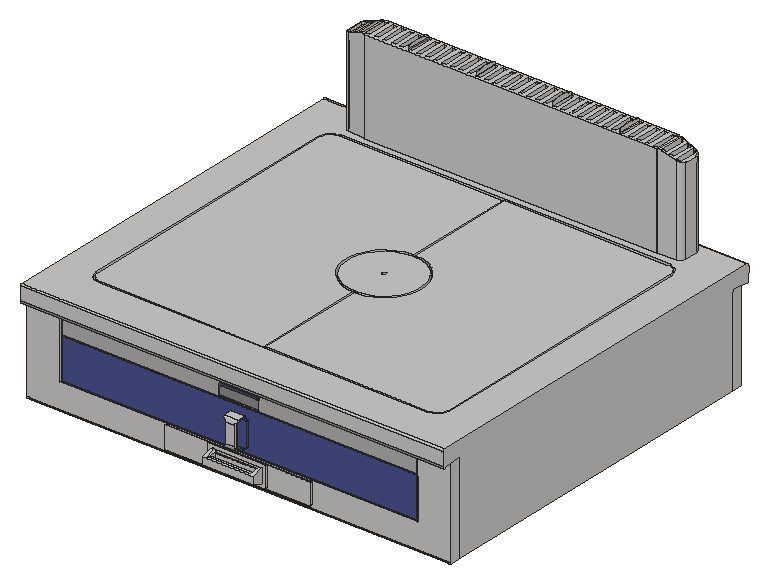
Revit family "QF_ELECTROLUXPROFESSIONAL_589580_MCLIAAJOPO", category Specialty Equipment, Revit 2018
Family settings
  Round Connector Dimension = Use Diameter
  Part Type = Normal
  Work Plane-Based = No
  Always vertical = Yes
  Cut with Voids When Loaded = No
  Shared = No
  Room Calculation Point = No
Parameters
  Weight in Pounds = 264.55
  Watts = 0 W
  URL Cutsheet = "www.electrolux.com/professional"
  URL = "www.electrolux.com/professional"
  Type Mark [instance] = ""
  Status [instance] = ""
  Specification by User [instance] = ""
  Specification by Manufacturer = ""
  Show Clearance [instance] = yes
  Serial Number = ""
  Seismic Rating = ""
  SMACNA No = ""
  Revision Code [instance] = ""
  Omniclass Number and Title = ""
  NAFEM Spec ID Number = ""
  Model = "589580"
  Mechanical Remarks [instance] = ""
  Mechanical Connection Type [instance] = ""
  Masterspec = ""
  Manufacturer = "ELECTROLUX"
  Item Number [instance] = ""
  Installed By [instance] = ""
  Identify Quantity as Lot [instance] = yes
  HP = "0 HP"
  Gas Size = 1/2"
  Gas RI Height [instance] = 0 mm
  Gas KW [instance] = 12.5
  Gas Input [instance] = 42612.5 Btu/h
  Gas Connection Height = 0 mm
  Furnished By [instance] = ""
  Foodservice Equipment Identifier [instance] = yes
  Direct Waste Size = 0"
  Description = "GAS FRENCH TOP,1-SIDE,1000X900X250H"
  CSI MasterFormat = ""
  CSI Master Format = ""
Reference planes
  plane 1 "BACK": y = 0
  plane 2: z = 0
  plane 3 "LEFT": x = 0
  plane 4 "RIGHT": x = 1000
  plane 5 "FRONT": y = -900
  plane 6 "TOP": z = 481
  plane 7 "Center Y": x = 500
  plane 8 "Center X": y = -450
  plane 9: z = 250
  plane 10: y = -1330
  plane 11: x = 965
Forms (mm)
  Extrusion 1, solid, material "QF_Finishes_Stainless Steel"
    sketch origin (653.786, 50.048, -650) x (0, 1, 0) y (0, 0, 1)
      loop
        line (-95.048, 863) -> (-71.412, 863) -> (-54.743, 860.061)
        arc (-54.743, 860.061) -> (-51.477, 860.936) -> (-50.048, 864) r 4
        line (-50.048, 864) -> (-50.048, 896)
        arc (-50.048, 896) -> (-51.22, 898.828) -> (-54.048, 900) r 4
        line (-54.048, 900) -> (-946.048, 900)
        arc (-946.048, 900) -> (-948.877, 898.828) -> (-950.048, 896) r 4
        line (-950.048, 896) -> (-950.048, 864)
        arc (-950.048, 864) -> (-948.619, 860.936) -> (-945.353, 860.061) r 4
        line (-945.353, 860.061) -> (-928.509, 863) -> (-905.048, 863) -> (-905.048, 650) -> (-95.048, 650) -> (-95.048, 863)
    from -653.786 to 346.214
  Extrusion 2, void
    sketch origin (653.786, 50.048, -650) x (1, 0, 0) y (0, 1, 0)
      loop
        arc (-542.786, -143.048) -> (-564, -151.835) -> (-572.786, -173.048) r 30
        line (-572.786, -173.048) -> (-572.786, -827.048)
        arc (-572.786, -827.048) -> (-564, -848.261) -> (-542.786, -857.048) r 30
        line (-542.786, -857.048) -> (235.214, -857.048)
        arc (235.214, -857.048) -> (256.427, -848.261) -> (265.214, -827.048) r 30
        line (265.214, -827.048) -> (265.214, -173.048)
        arc (265.214, -173.048) -> (256.427, -151.835) -> (235.214, -143.048) r 30
        line (235.214, -143.048) -> (-542.786, -143.048)
      loop
        line (-567.786, -173.048) -> (-567.786, -827.048)
        arc (-567.786, -827.048) -> (-560.464, -844.726) -> (-542.786, -852.048) r 25
        line (-542.786, -852.048) -> (-156.286, -852.048) -> (-156.286, -590.013)
        arc (-156.286, -590.013) -> (-243.786, -500.048) -> (-156.286, -410.083) r 90
        line (-156.286, -410.083) -> (-156.286, -148.048) -> (-542.786, -148.048)
        arc (-542.786, -148.048) -> (-560.464, -155.37) -> (-567.786, -173.048) r 25
      loop
        line (235.214, -148.048) -> (-151.286, -148.048) -> (-151.286, -410.083)
        arc (-151.286, -410.083) -> (-63.786, -500.048) -> (-151.286, -590.013) r 90
        line (-151.286, -590.013) -> (-151.286, -852.048) -> (235.214, -852.048)
        arc (235.214, -852.048) -> (252.891, -844.726) -> (260.214, -827.048) r 25
        line (260.214, -827.048) -> (260.214, -173.048)
        arc (260.214, -173.048) -> (252.891, -155.37) -> (235.214, -148.048) r 25
      loop
        circle (-153.786, -500.048) r 5
      loop
        arc (-156.286, -415.085) -> (-238.786, -500.048) -> (-156.286, -585.011) r 85
        arc (-156.286, -585.011) -> (-153.786, -585.048) -> (-151.286, -585.011) r 85
        arc (-151.286, -585.011) -> (-68.786, -500.048) -> (-151.286, -415.085) r 85
        arc (-151.286, -415.085) -> (-153.786, -415.048) -> (-156.286, -415.085) r 85
    from 887.5 to 900
  Extrusion 3, solid, material "QF_Finishes_Stainless Steel"
    sketch origin (-8, 53.486, -651.25) x (0, 1, 0) y (0, 0, 1)
      loop
        line (-98.486, 864.25) -> (-98.486, 651.25) -> (-74.849, 651.25) -> (-74.849, 864.25) -> (-98.486, 864.25)
    from 8 to 1008
  Extrusion 4, solid, material "QF_Finishes_Stainless Steel"
    sketch origin (0, 0, 0) x (1, 0, 0) y (0, 1, 0)
      loop
        circle (965, -590) r 6.35
    from 0 to -14.661
  Extrusion 5, solid, material "QF_Door-Drawer Clearances", visible <- "Show Clearance", detail levels coarse
    sketch origin (0, 0, 0) x (1, 0, 0) y (0, 1, 0)
      loop
        line (327.605, -882.593) -> (327.605, -1330) -> (671.605, -1330) -> (671.605, -882.593) -> (327.605, -882.593)
    from 8.62 to 60
  Extrusion 6, solid, material "QF_Clearances", visible <- "Show Clearance", detail levels coarse
    sketch origin (0, 0, 0) x (1, 0, 0) y (0, 1, 0)
      loop
        line (-250, 150) -> (-250, -900) -> (0, -900) -> (0, 0) -> (1000, 0) -> (1000, -900) -> (1250, -900) -> (1250, 150) -> (-250, 150)
    from 0 to 481
Cuts and joins
  Extrusion 2 cuts Extrusion 1
Lines and regions (mm)
  symbolic lines, style "QF_Door-Drawer Clearances"
    curve 1: line (327.605, -900, 0) -> (327.605, -1330, 0)
    curve 2: line (327.605, -1330, 0) -> (671.605, -1330, 0)
    curve 3: line (671.605, -1330, 0) -> (671.605, -900, 0)
  symbolic lines
    curve 4: line (0, -900, 0) -> (1000, -900, 0)
    curve 5: line (0, 0, 0) -> (0, -900, 0)
    curve 6: line (1000, 0, 0) -> (0, 0, 0)
    curve 7: line (1000, -900, 0) -> (1000, 0, 0)
    curve 8: line (111, -93, 0) -> (889, -93, 0)
    curve 9: arc (889, -93, 0) -> (910.213, -101.787, 0) -> (919, -123, 0) r 30
    curve 10: line (919, -123, 0) -> (919, -777, 0)
    curve 11: arc (919, -777, 0) -> (910.213, -798.213, 0) -> (889, -807, 0) r 30
    curve 12: line (889, -807, 0) -> (111, -807, 0)
    curve 13: arc (111, -807, 0) -> (89.787, -798.213, 0) -> (81, -777, 0) r 30
    curve 14: line (81, -777, 0) -> (81, -123, 0)
    curve 15: arc (81, -123, 0) -> (89.787, -101.787, 0) -> (111, -93, 0) r 30
    curve 16: line (497.5, -98, 0) -> (111, -98, 0)
    curve 17: arc (111, -98, 0) -> (93.322, -105.322, 0) -> (86, -123, 0) r 25
    curve 18: line (86, -123, 0) -> (86, -777, 0)
    curve 19: arc (86, -777, 0) -> (93.322, -794.678, 0) -> (111, -802, 0) r 25
    curve 20: line (111, -802, 0) -> (497.5, -802, 0)
    curve 21: line (497.5, -802, 0) -> (497.5, -539.965, 0)
    curve 22: arc (497.5, -539.965, 0) -> (410, -450, 0) -> (497.5, -360.035, 0) r 90
    curve 23: line (497.5, -360.035, 0) -> (497.5, -98, 0)
    curve 24: line (889, -98, 0) -> (502.5, -98, 0)
    curve 25: line (502.5, -98, 0) -> (502.5, -360.035, 0)
    curve 26: arc (502.5, -360.035, 0) -> (590, -450, 0) -> (502.5, -539.965, 0) r 90
    curve 27: line (502.5, -539.965, 0) -> (502.5, -802, 0)
    curve 28: line (502.5, -802, 0) -> (889, -802, 0)
    curve 29: arc (889, -802, 0) -> (906.678, -794.678, 0) -> (914, -777, 0) r 25
    curve 30: line (914, -777, 0) -> (914, -123, 0)
    curve 31: arc (914, -123, 0) -> (906.678, -105.322, 0) -> (889, -98, 0) r 25
    curve 32: arc (502.5, -534.963, 0) -> (585, -450, 0) -> (502.5, -365.037, 0) r 85
    curve 33: arc (502.5, -365.037, 0) -> (500, -365, 0) -> (497.5, -365.037, 0) r 85
    curve 34: arc (497.5, -365.037, 0) -> (415, -450, 0) -> (497.5, -534.963, 0) r 85
    curve 35: arc (497.5, -534.963, 0) -> (500, -535, 0) -> (502.5, -534.963, 0) r 85
    curve 36: arc (505, -450, 0) -> (500, -455, 0) -> (495, -450, 0) r 5
    curve 37: arc (495, -450, 0) -> (500, -445, 0) -> (505, -450, 0) r 5
  symbolic lines, style "QF_Clearances", visible <- "Show Clearance", detail levels coarse
    curve 38: line (-250, -900, 0) -> (-250, 150, 0)
    curve 39: line (-250, 150, 0) -> (1250, 150, 0)
    curve 40: line (1250, 150, 0) -> (1250, -900, 0)
Dimensions and locks
  equal spacing: plane 3 "LEFT", plane 7 "Center Y", plane 4 "RIGHT"
  plane 3 "LEFT" to plane 4 "RIGHT" = 1000 mm
  equal spacing: plane 5 "FRONT", plane 8 "Center X", plane 1 "BACK"
  plane 5 "FRONT" to plane 1 "BACK" = 900 mm
  plane 6 "TOP" to level = 481 mm
  plane 9 to level = 250 mm  (x2)
  plane 5 "FRONT" to plane 10 = 430 mm
  curve 38 to plane 3 "LEFT" = 250 mm
  plane 4 "RIGHT" to curve 40 = 250 mm
  plane 1 "BACK" to curve 39 = 150 mm
  plane 4 "RIGHT" to plane 11 = 35 mm
  plane 1 "BACK" to Extrusion 4 = 590 mm
  plane 6 "TOP" to plane 9 = 231 mm
  locked: Extrusion 2 sketch curve to Extrusion 2 sketch curve (radius 30 mm)  (x4)
  locked: Extrusion 2 sketch curve to Extrusion 2 sketch curve (radius 25 mm)  (x4)
  locked: Extrusion 2 sketch curve to Extrusion 2 sketch curve (radius 90 mm)  (x2)
  locked: Extrusion 2 sketch curve to Extrusion 2 sketch curve (radius 85 mm)  (x2)
  aligned and locked: level to plane 2
Automatic sketch dimensions
  Extrusion 1 sketch curve to plane 5 "FRONT" = 0 mm
  Extrusion 1 sketch curve to plane 9 = 0 mm
  Extrusion 1 sketch curve to level = 0 mm
  Extrusion 1 sketch curve to plane 1 "BACK" = 0 mm
  Extrusion 1 sketch curve to plane 5 "FRONT" = 4.695 mm
  Extrusion 1 sketch curve to plane 9 = 39.939 mm
  Extrusion 1 sketch curve to plane 5 "FRONT" = 4 mm
  Extrusion 1 sketch curve to Extrusion 1 sketch curve = 16.844 mm
  Extrusion 1 sketch curve to plane 5 "FRONT" = 45 mm
  plane 1 "BACK" to Extrusion 1 sketch curve = 45 mm
  plane 1 "BACK" to Extrusion 1 sketch curve = 21.364 mm
  plane 1 "BACK" to Extrusion 1 sketch curve = 4 mm  (x2)
  Extrusion 1 sketch curve to Extrusion 1 sketch curve = 0.695 mm
  plane 1 "BACK" to Extrusion 1 sketch curve = 4.695 mm
  Extrusion 1 sketch curve to Extrusion 1 sketch curve = 0 mm  (x2)
  Extrusion 1 sketch curve to plane 9 = 37 mm  (x2)
  Extrusion 1 sketch curve to Extrusion 1 sketch curve = 1 mm
  Extrusion 2 sketch curve to Extrusion 2 sketch curve = 0 mm  (x19)
  Extrusion 2 sketch curve to plane 5 "FRONT" = 93 mm
  Extrusion 2 sketch curve to plane 7 "Center Y" = 0 mm
  Extrusion 2 sketch curve to plane 8 "Center X" = 0 mm
  Extrusion 2 sketch curve to plane 7 "Center Y" = 2.5 mm  (x4)
  plane 7 "Center Y" to Extrusion 2 sketch curve = 2.5 mm  (x4)
  plane 1 "BACK" to Extrusion 2 sketch curve = 123 mm
  plane 3 "LEFT" to Extrusion 2 sketch curve = 81 mm
  Extrusion 4 sketch curve to plane 8 "Center X" = 140 mm
  plane 4 "RIGHT" to Extrusion 4 sketch curve = 35 mm
  Extrusion 5 sketch curve to plane 10 = 0 mm
  Extrusion 5 sketch curve to plane 5 "FRONT" = 17.407 mm
  Extrusion 5 sketch curve to plane 7 "Center Y" = 172.395 mm
  plane 7 "Center Y" to Extrusion 5 sketch curve = 171.605 mm
  plane 4 "RIGHT" to Extrusion 2 sketch curve = 111 mm
  plane 5 "FRONT" to Extrusion 6 sketch curve = 0 mm
  Extrusion 6 sketch curve to plane 1 "BACK" = 150 mm
  Extrusion 6 sketch curve to plane 4 "RIGHT" = 250 mm
  Extrusion 6 sketch curve to plane 1 "BACK" = 0 mm
  Extrusion 6 sketch curve to plane 3 "LEFT" = 0 mm
  Extrusion 6 sketch curve to plane 4 "RIGHT" = 0 mm
  Extrusion 6 sketch curve to Extrusion 6 sketch curve = 250 mm
  Extrusion 6 sketch curve to Extrusion 6 sketch curve = 0 mm
  curve 9 to curve 31 = 0 mm  (x2)
  curve 11 to curve 29 = 0 mm  (x2)
  curve 13 to curve 19 = 0 mm  (x2)
  curve 15 to curve 17 = 0 mm  (x2)
  curve 22 to curve 26 = 0 mm  (x2)
  curve 22 to curve 32 = 0 mm  (x2)
  curve 22 to curve 33 = 0 mm  (x2)
  curve 22 to curve 34 = 0 mm  (x2)
  curve 22 to curve 35 = 0 mm
  curve 22 to curve 36 = 0 mm  (x2)
  plane 1 "BACK" to curve 5 = 0 mm
  curve 5 to plane 3 "LEFT" = 0 mm
  curve 1 to plane 10 = 0 mm
  curve 4 to plane 4 "RIGHT" = 0 mm
  plane 5 "FRONT" to curve 5 = 0 mm
  plane 5 "FRONT" to curve 38 = 0 mm
  curve 36 to plane 8 "Center X" = 0 mm
  curve 32 to plane 7 "Center Y" = 0 mm
  plane 5 "FRONT" to curve 40 = 0 mm
  plane 3 "LEFT" to curve 14 = 81 mm
  curve 13 to curve 18 = 5 mm
  curve 18 to curve 20 = 25 mm
  curve 17 to curve 8 = 25 mm
  curve 1 to plane 7 "Center Y" = 172.395 mm
  curve 21 to plane 7 "Center Y" = 2.5 mm
  curve 16 to plane 7 "Center Y" = 2.5 mm
  plane 7 "Center Y" to curve 28 = 2.5 mm
  plane 7 "Center Y" to curve 25 = 2.5 mm
  plane 7 "Center Y" to curve 3 = 171.605 mm
  plane 4 "RIGHT" to curve 28 = 111 mm
  curve 11 to curve 30 = 25 mm
  curve 30 to curve 10 = 5 mm
  curve 36 to curve 22 = 5 mm
  curve 34 to plane 7 "Center Y" = 2.5 mm
  curve 33 to plane 7 "Center Y" = 2.5 mm
  plane 7 "Center Y" to curve 33 = 2.5 mm
  plane 7 "Center Y" to curve 35 = 2.5 mm
  curve 12 to plane 5 "FRONT" = 93 mm
  curve 21 to plane 8 "Center X" = 89.965 mm
  curve 22 to curve 27 = 0 mm
  curve 27 to curve 35 = 5.002 mm
  plane 1 "BACK" to curve 30 = 123 mm
  plane 1 "BACK" to curve 14 = 123 mm
  Extrusion 3 sketch curve to level = 0 mm
  plane 1 "BACK" to Extrusion 3 sketch curve = 45 mm
  Extrusion 3 sketch curve to plane 9 = 37 mm
  plane 1 "BACK" to Extrusion 3 sketch curve = 21.364 mm
  radius of Extrusion 2 sketch curve = 5 mm
  radius of Extrusion 4 sketch curve = 6.35 mm
Nested families
  nested 1: "EG_900_1000_Front Panel with Center Grease Trap" at (202.376, -855, -650), type "EG_900_1000_Front Panel with Center Grease Trap"
  nested 2: "GG_900_Backsplash for 800 fryer" at (488.888, -5, -635.571), type "GG_900_Backsplash for 800 fryer"
Connectors
  piping at (965, -590, -14.661), diameter 12.7
    settings: on Extrusion 4, index 1, connector inside diameter 1/2", connector length 0 mm, flow factor 0, pipe flow 0 GPM, pressure drop 0.00 psi, fitting loss kfactor 0, connector angle 0.00°, fixture units 0, engagement length 0 mm, angle of deflection 0.00°, flow configuration 1, flow direction 1, fitting loss method 0, system type 7, joint type 0, gender type 0, connector reference index -1, connector utility 0, adjustable connector no, is connector primary yes, connector description "GAS INLET"
Definition of nested family "EG_900_1000_Front Panel with Center Grease Trap"
  Reference planes
    plane 1 "Center (Front/Back)": y = 0
    plane 2: z = 0
    plane 3 "Center (Left/Right)": x = 297.624
    plane 4: x = -202.376
    plane 5: x = 797.624
    plane 6: y = -45
  Forms (mm)
    Extrusion 1, solid
      sketch origin (833.217, 829.203, -1.25) x (0, 1, 0) y (0, 0, 1)
        loop
          arc (-854.203, 654.25) -> (-853.324, 652.129) -> (-851.203, 651.25) r 3
          line (-851.203, 651.25) -> (-829.203, 651.25) -> (-829.203, 864.25) -> (-854.203, 864.25) -> (-854.203, 654.25)
      from -1035.593 to -35.593
    Extrusion 2, void
      sketch origin (33.217, 829.203, -1.25) x (1, 0, 0) y (0, 0, 1)
        loop
          line (-157.593, 855.116) -> (-157.593, 713.116) -> (686.407, 713.116) -> (686.407, 855.116) -> (-157.593, 855.116)
      from 848.59 to 854.203
  Cuts and joins
    Extrusion 2 cuts Extrusion 1
  Dimensions and locks
    equal spacing: plane 5, plane 3 "Center (Left/Right)", plane 4
    plane 5 to plane 4 = 1000 mm
    aligned and locked: cut or joined group of Extrusion 1, Extrusion 2 to plane 4
    aligned and locked: plane 5 to cut or joined group of Extrusion 1, Extrusion 2
    aligned and locked: plane 3 "Center (Left/Right)" to nested 2
    aligned and locked: cut or joined group of Extrusion 1, Extrusion 2 to nested 2
    aligned and locked: plane 3 "Center (Left/Right)" to nested 1
    aligned and locked: plane 3 "Center (Left/Right)" to nested 3
  Automatic sketch dimensions
    Extrusion 1 sketch curve to plane 1 "Center (Front/Back)" = 0 mm
    plane 1 "Center (Front/Back)" to Extrusion 1 sketch curve = 22 mm
    Extrusion 1 sketch curve to Extrusion 1 sketch curve = 3 mm
    level to Extrusion 1 sketch curve = 650 mm
    Extrusion 1 sketch curve to Extrusion 1 sketch curve = 210 mm
    plane 4 to Extrusion 2 sketch curve = 78 mm
    Extrusion 2 sketch curve to plane 5 = 78 mm
    level to Extrusion 2 sketch curve = 711.866 mm
    Extrusion 2 sketch curve to Extrusion 2 sketch curve = 142 mm
  Nested families
    nested 1: "Range Control Handle" at (297.624, -28.137, -209.113) x (-1, 0, 0) z (0, 0, 1), type "Range Control Handle"
    nested 2: "glass conrol panel" at (297.624, 280.644, 2.752), type "glass conrol panel"
    nested 3: "grease trap door" at (365.223, -25, 0.608) x (-1, 0, 0) z (0, 0, 1), type "grease trap door"
  Definition of nested family "Range Control Handle"
    Reference planes
      plane 1 "Center (Front/Back)": y = 0
      plane 2: z = 0
      plane 3 "Center (Left/Right)": x = 0
      plane 4: z = 971.092
      plane 5: y = -16.9
    Forms (mm)
      Extrusion 1, solid
        sketch origin (-746.28, 380.497, 208.931) x (-1, 0, 0) y (0, 0, 1)
          loop
            line (-770.101, 786.798) -> (-770.101, 731.649)
            arc (-770.101, 731.649) -> (-769.759, 730.563) -> (-768.855, 729.87) r 1.893
            line (-768.855, 729.87) -> (-763.474, 727.911) -> (-729.81, 727.911) -> (-724.428, 729.87)
            arc (-724.428, 729.87) -> (-723.525, 730.563) -> (-723.183, 731.649) r 1.893
            line (-723.183, 731.649) -> (-723.183, 786.798)
            arc (-723.183, 786.798) -> (-723.529, 787.894) -> (-724.44, 788.593) r 1.91
            line (-724.44, 788.593) -> (-729.683, 790.819) -> (-763.601, 790.819) -> (-768.844, 788.593)
            arc (-768.844, 788.593) -> (-769.755, 787.894) -> (-770.101, 786.798) r 1.91
        from -382.35 to -378.852
      Sweep 2, solid
        path origin (-746.788, 380.496, 208.091) x (0, -1, 0) y (0, 0, 1)
          loop
            line (379.775, 793.281) -> (395.661, 791.048)
            arc (395.661, 791.048) -> (397.781, 787.377) -> (398.517, 783.202) r 12.207
            line (398.517, 783.202) -> (398.517, 737.368)
            arc (398.517, 737.368) -> (397.781, 733.193) -> (395.661, 729.522) r 12.207
            line (395.661, 729.522) -> (379.775, 727.289)
        profile origin (-746.788, -7.222, 1000.256) x (0, -0.139173, 0.990268) y (-1, 0, 0)
          loop
            line (0.782, -763.123) -> (0.782, -730.907) -> (-1.322, -730.907) -> (-1.322, -763.123) -> (0.782, -763.123)
      Sweep 3, solid
        path origin (-746.788, 380.715, 207.832) x (0, -1, 0) y (0, 0, 1)
          loop
            line (380.478, 795.442) -> (397.218, 793.09)
            arc (397.218, 793.09) -> (399.929, 788.473) -> (400.871, 783.202) r 15.207
            line (400.871, 783.202) -> (400.871, 737.584)
            arc (400.871, 737.584) -> (399.914, 732.274) -> (397.164, 727.633) r 15.207
            line (397.164, 727.633) -> (380.601, 725.305)
        profile origin (-746.788, -8.132, 1002.099) x (0, -0.139173, 0.990268) y (-1, 0, 0)
          loop
            line (0.782, -763.123) -> (0.782, -730.907) -> (-1.322, -730.907) -> (-1.322, -763.123) -> (0.782, -763.123)
      Extrusion 4, void
        sketch origin (889.253, 220.666, 207.993) x (1, 0, 0) y (0, 0, 1)
          loop
            line (-943.038, 816.854) -> (-943.038, 703.686) -> (-899.466, 734.196) -> (-899.466, 786.344) -> (-943.038, 816.854)
        from 230.636 to 242.25
      Extrusion 5, void
        sketch origin (-888.8, 220.666, 207.993) x (-1, 0, 0) y (0, 0, -1)
          loop
            line (-943.038, -816.854) -> (-899.466, -786.344) -> (-899.466, -734.196) -> (-943.038, -703.686) -> (-943.038, -816.854)
        from 230.636 to 242.25
      Extrusion 6, solid
        sketch origin (0, 0, 0) x (1, 0, 0) y (0, 0, 1)
          loop
            circle (0, 971.092) r 7.736
        from -3.137 to -1.645
    Cuts and joins
      Extrusion 4, Extrusion 5 cuts Sweep 3
      Extrusion 4, Extrusion 5 cuts Sweep 2
      joined: Extrusion 1, Extrusion 6
    Lines and regions (mm)
      symbolic lines
        curve 1: line (16.334, -16.9, 0) -> (16.334, -19.227, 0)
        curve 2: spline (16.334, -19.227, 0) -> (15.87, -19.385, 0) -> (15.404, -19.536, 0) -> (14.936, -19.678, 0) -> (14.466, -19.813, 0) -> (13.995, -19.94, 0) -> (13.523, -20.059, 0) -> (13.049, -20.171, 0) -> (12.575, -20.274, 0) -> (12.099, -20.37, 0) -> (11.622, -20.458, 0) -> (11.144, -20.537, 0) -> (10.666, -20.609, 0)
        curve 3: line (10.666, -16.9, 0) -> (10.666, -20.938, 0)
        curve 4: line (-10.213, -20.938, 0) -> (10.666, -20.938, 0)
        curve 5: line (-10.213, -20.938, 0) -> (-10.213, -16.9, 0)
        curve 6: spline (-10.213, -20.609, 0) -> (-10.691, -20.537, 0) -> (-11.169, -20.458, 0) -> (-11.646, -20.37, 0) -> (-12.122, -20.274, 0) -> (-12.597, -20.171, 0) -> (-13.07, -20.059, 0) -> (-13.542, -19.94, 0) -> (-14.013, -19.813, 0) -> (-14.483, -19.678, 0) -> (-14.951, -19.536, 0) -> (-15.417, -19.385, 0) -> (-15.881, -19.227, 0)
        curve 7: line (-15.881, -19.227, 0) -> (-15.881, -16.9, 0)
  Definition of nested family "glass conrol panel"
    Reference planes
      plane 1 "Center (Front/Back)": y = 0
      plane 2: z = 0
      plane 3 "Center (Left/Right)": x = 0
    Forms (mm)
      Extrusion 1, solid
        sketch origin (378.286, 0, 0.617) x (1, 0, 0) y (0, 0, 1)
          loop
            line (-800.286, 806.791) -> (-800.286, 708.497) -> (43.714, 708.497) -> (43.714, 806.791) -> (-800.286, 806.791)
        from 300.031 to 304.8
      Extrusion 2, solid
        sketch origin (378.286, 0, 0.617) x (1, 0, 0) y (0, 0, 1)
          loop
            line (-800.286, 850.497) -> (-800.286, 806.791) -> (43.714, 806.791) -> (43.714, 850.497) -> (-800.286, 850.497)
        from 300.031 to 304.8
      Extrusion 3, void
        sketch origin (378.286, 0, 0.617) x (1, 0, 0) y (0, 0, 1)
          loop
            line (-797.286, 847.565) -> (-797.286, 710.699) -> (40.714, 710.699) -> (40.714, 847.565) -> (-797.286, 847.565)
        from 303.697 to 304.8
      Extrusion 4, solid
        sketch origin (-308.309, 1.101, -0.633) x (-1, 0, 0) y (0, 0, -1)
          loop
            line (-261.431, -812.62) -> (-355.186, -812.62) -> (-355.186, -834.177) -> (-350.269, -834.177) -> (-348.469, -835.977) -> (-268.039, -835.977) -> (-266.24, -834.177) -> (-261.431, -834.177) -> (-261.431, -812.62)
        from 304.798 to 306.745
      Extrusion 5, solid
        sketch origin (-308.309, 1.101, -0.633) x (-1, 0, 0) y (0, 0, -1)
          loop
            line (-350.269, -834.177) -> (-355.078, -834.177)
            arc (-355.078, -834.177) -> (-353.942, -838.747) -> (-349.686, -840.763) r 5.5
            line (-349.686, -840.763) -> (-266.98, -840.763)
            arc (-266.98, -840.763) -> (-262.706, -838.752) -> (-261.529, -834.177) r 5.549
            line (-261.529, -834.177) -> (-266.24, -834.177) -> (-268.039, -835.977) -> (-348.469, -835.977) -> (-350.269, -834.177)
        from 304.798 to 306.745
    Cuts and joins
      Extrusion 3 cuts Extrusion 1
      Extrusion 3 cuts Extrusion 2
    Dimensions and locks
      aligned and locked: Extrusion 1 to Extrusion 2
      aligned and locked: Extrusion 5 sketch curve to Extrusion 4  (x5)
      aligned and locked: Extrusion 5 to Extrusion 4
  Definition of nested family "grease trap door"
    Reference planes
      plane 1 "Center (Front/Back)": y = 0
      plane 2: z = 0
      plane 3 "Center (Left/Right)": x = 0
      plane 4: y = -20
    Forms (mm)
      Extrusion 1, solid
        sketch origin (1627.55, 854.203, -1.25) x (1, 0, 0) y (0, 0, 1)
          loop
            arc (-1627.55, 661.235) -> (-1626.972, 659.84) -> (-1625.577, 659.262) r 1.973
            line (-1625.577, 659.262) -> (-1494.325, 659.262)
            arc (-1494.325, 659.262) -> (-1492.156, 660.16) -> (-1491.258, 662.329) r 3.067
            line (-1491.258, 662.329) -> (-1491.258, 708.803)
            arc (-1491.258, 708.803) -> (-1492.414, 710.143) -> (-1494.111, 710.642) r 3.133
            line (-1494.111, 710.642) -> (-1625.486, 710.642)
            arc (-1625.486, 710.642) -> (-1626.945, 710.038) -> (-1627.55, 708.579) r 2.063
            line (-1627.55, 708.579) -> (-1627.55, 661.235)
        from 856.795 to 859.203
      Extrusion 2, solid
        sketch origin (445.874, 2476.61, 0) x (0, 1, 0) y (0, 0, 1)
          loop
            line (-2506.377, 675.273) -> (-2481.61, 667.505) -> (-2481.61, 700.995) -> (-2506.377, 693.227) -> (-2506.377, 675.273)
        from -437.68 to -317.68
      Extrusion 3, void
        sketch origin (1627.55, 854.203, -1.25) x (1, 0, 0) y (0, 0, 1)
          loop
            line (-1614.883, 703) -> (-1610.542, 695.433) -> (-1508.17, 695.433) -> (-1503.828, 703) -> (-1614.883, 703)
          loop
            line (-1614.883, 668) -> (-1502.669, 668) -> (-1507.01, 675.567) -> (-1610.542, 675.567) -> (-1614.883, 668)
        from 832.916 to 883.97
      Extrusion 4, void
        sketch origin (447.55, 854.203, -1.25) x (1, 0, 0) y (0, 0, 1)
          loop
            line (-430.542, 695.433) -> (-430.542, 675.567) -> (-328.17, 675.567) -> (-328.17, 695.433) -> (-430.542, 695.433)
        from 859.203 to 874.202
      Extrusion 5, solid
        sketch origin (1627.55, 854.203, -1.25) x (1, 0, 0) y (0, 0, 1)
          loop
            arc (-1731.556, 661.235) -> (-1730.978, 659.84) -> (-1729.583, 659.262) r 1.973
            line (-1729.583, 659.262) -> (-1390.623, 659.262)
            arc (-1390.623, 659.262) -> (-1388.454, 660.16) -> (-1387.556, 662.329) r 3.067
            line (-1387.556, 662.329) -> (-1387.556, 708.803)
            arc (-1387.556, 708.803) -> (-1388.712, 710.143) -> (-1390.409, 710.642) r 3.133
            line (-1390.409, 710.642) -> (-1729.493, 710.642)
            arc (-1729.493, 710.642) -> (-1730.952, 710.038) -> (-1731.556, 708.579) r 2.063
            line (-1731.556, 708.579) -> (-1731.556, 661.235)
        from 854.203 to 856.795
    Cuts and joins
      Extrusion 3 cuts Extrusion 1
      Extrusion 3, Extrusion 4 cuts Extrusion 2
      joined: Extrusion 1, Extrusion 2
    Lines and regions (mm)
      model lines
        curve 1: line (67.599, 0, 658.012) -> (67.599, 0, 709.392)
      symbolic lines
        curve 2: line (8.194, -20, 0) -> (8.194, -29.767, 0)
        curve 3: line (8.194, -29.767, 0) -> (128.194, -29.767, 0)
        curve 4: line (128.194, -29.767, 0) -> (128.194, -20, 0)
    Dimensions and locks
      aligned and locked: Extrusion 2 to Extrusion 1
      aligned and locked: Extrusion 3 to Extrusion 2
      aligned and locked: Extrusion 4 to Extrusion 1
Definition of nested family "GG_900_Backsplash for 800 fryer"
  Reference planes
    plane 1 "Center (Front/Back)": y = 0
    plane 2: z = 0
    plane 3 "Center (Left/Right)": x = 11.112
    plane 4: x = -388.888
    plane 5: x = 411.112
    plane 6: y = -37.994
  Forms (mm)
    Extrusion 1, solid
      sketch origin (3208.371, -22.924, -275.679) x (1, 0, 0) y (0, 0, 1)
        loop
          line (-3597.259, 1365.162) -> (-3597.259, 1161.25) -> (-2797.259, 1161.25) -> (-2797.259, 1364.934) -> (-2841.553, 1381.055)
          arc (-2841.553, 1381.055) -> (-2844.994, 1381.949) -> (-2848.536, 1382.25) r 21
          line (-2848.536, 1382.25) -> (-3546.608, 1382.25)
          arc (-3546.608, 1382.25) -> (-3550.146, 1381.95) -> (-3553.582, 1381.058) r 21
          line (-3553.582, 1381.058) -> (-3597.259, 1365.162)
      from -17.885 to 48.024
    Extrusion 2, void
      sketch origin (3108.387, -925.98, -226.348) x (1, 0, 0) y (0, 1, 0)
        loop
          line (-3444.887, 915.362) -> (-3444.887, 861.502) -> (-3434.887, 861.502) -> (-3434.887, 915.362) -> (-3444.887, 915.362)
      from 1111.919 to 1332.919
    Extrusion 3, void
      sketch origin (3789.012, -925.98, -226.348) x (1, 0, 0) y (0, 1, 0)
        loop
          line (-3444.887, 915.362) -> (-3444.887, 861.502) -> (-3434.887, 861.502) -> (-3434.887, 915.362) -> (-3444.887, 915.362)
      from 1111.919 to 1332.919
    Extrusion 4, void
      sketch origin (3128.405, -925.98, -226.348) x (1, 0, 0) y (0, 1, 0)
        loop
          line (-3444.887, 915.362) -> (-3444.887, 861.502) -> (-3434.887, 861.502) -> (-3434.887, 915.362) -> (-3444.887, 915.362)
      from 1111.919 to 1332.919
    Extrusion 5, void
      sketch origin (3148.424, -925.98, -226.348) x (1, 0, 0) y (0, 1, 0)
        loop
          line (-3444.887, 915.362) -> (-3444.887, 861.502) -> (-3434.887, 861.502) -> (-3434.887, 915.362) -> (-3444.887, 915.362)
      from 1111.919 to 1332.919
    Extrusion 6, void
      sketch origin (3168.442, -925.98, -226.348) x (1, 0, 0) y (0, 1, 0)
        loop
          line (-3444.887, 915.362) -> (-3444.887, 861.502) -> (-3434.887, 861.502) -> (-3434.887, 915.362) -> (-3444.887, 915.362)
      from 1111.919 to 1332.919
    Extrusion 7, void
      sketch origin (3188.46, -925.98, -226.348) x (1, 0, 0) y (0, 1, 0)
        loop
          line (-3444.887, 915.362) -> (-3444.887, 861.502) -> (-3434.887, 861.502) -> (-3434.887, 915.362) -> (-3444.887, 915.362)
      from 1111.919 to 1332.919
    Extrusion 8, void
      sketch origin (3208.479, -925.98, -226.348) x (1, 0, 0) y (0, 1, 0)
        loop
          line (-3444.887, 915.362) -> (-3444.887, 861.502) -> (-3434.887, 861.502) -> (-3434.887, 915.362) -> (-3444.887, 915.362)
      from 1111.919 to 1332.919
    Extrusion 9, void
      sketch origin (3228.497, -925.98, -226.348) x (1, 0, 0) y (0, 1, 0)
        loop
          line (-3444.887, 915.362) -> (-3444.887, 861.502) -> (-3434.887, 861.502) -> (-3434.887, 915.362) -> (-3444.887, 915.362)
      from 1111.919 to 1332.919
    Extrusion 10, void
      sketch origin (3248.516, -925.98, -226.348) x (1, 0, 0) y (0, 1, 0)
        loop
          line (-3444.887, 915.362) -> (-3444.887, 861.502) -> (-3434.887, 861.502) -> (-3434.887, 915.362) -> (-3444.887, 915.362)
      from 1111.919 to 1332.919
    Extrusion 11, void
      sketch origin (3268.534, -925.98, -226.348) x (1, 0, 0) y (0, 1, 0)
        loop
          line (-3444.887, 915.362) -> (-3444.887, 861.502) -> (-3434.887, 861.502) -> (-3434.887, 915.362) -> (-3444.887, 915.362)
      from 1111.919 to 1332.919
    Extrusion 12, void
      sketch origin (3288.552, -925.98, -226.348) x (1, 0, 0) y (0, 1, 0)
        loop
          line (-3444.887, 915.362) -> (-3444.887, 861.502) -> (-3434.887, 861.502) -> (-3434.887, 915.362) -> (-3444.887, 915.362)
      from 1111.919 to 1332.919
    Extrusion 13, void
      sketch origin (3308.571, -925.98, -226.348) x (1, 0, 0) y (0, 1, 0)
        loop
          line (-3444.887, 915.362) -> (-3444.887, 861.502) -> (-3434.887, 861.502) -> (-3434.887, 915.362) -> (-3444.887, 915.362)
      from 1111.919 to 1332.919
    Extrusion 14, void
      sketch origin (3328.589, -925.98, -226.348) x (1, 0, 0) y (0, 1, 0)
        loop
          line (-3444.887, 915.362) -> (-3444.887, 861.502) -> (-3434.887, 861.502) -> (-3434.887, 915.362) -> (-3444.887, 915.362)
      from 1111.919 to 1332.919
    Extrusion 15, void
      sketch origin (3348.607, -925.98, -226.348) x (1, 0, 0) y (0, 1, 0)
        loop
          line (-3444.887, 915.362) -> (-3444.887, 861.502) -> (-3434.887, 861.502) -> (-3434.887, 915.362) -> (-3444.887, 915.362)
      from 1111.919 to 1332.919
    Extrusion 16, void
      sketch origin (3368.626, -925.98, -226.348) x (1, 0, 0) y (0, 1, 0)
        loop
          line (-3444.887, 915.362) -> (-3444.887, 861.502) -> (-3434.887, 861.502) -> (-3434.887, 915.362) -> (-3444.887, 915.362)
      from 1111.919 to 1332.919
    Extrusion 17, void
      sketch origin (3388.644, -925.98, -226.348) x (1, 0, 0) y (0, 1, 0)
        loop
          line (-3444.887, 915.362) -> (-3444.887, 861.502) -> (-3434.887, 861.502) -> (-3434.887, 915.362) -> (-3444.887, 915.362)
      from 1111.919 to 1332.919
    Extrusion 18, void
      sketch origin (3408.663, -925.98, -226.348) x (1, 0, 0) y (0, 1, 0)
        loop
          line (-3444.887, 915.362) -> (-3444.887, 861.502) -> (-3434.887, 861.502) -> (-3434.887, 915.362) -> (-3444.887, 915.362)
      from 1111.919 to 1332.919
    Extrusion 19, void
      sketch origin (3428.681, -925.98, -226.348) x (1, 0, 0) y (0, 1, 0)
        loop
          line (-3444.887, 915.362) -> (-3444.887, 861.502) -> (-3434.887, 861.502) -> (-3434.887, 915.362) -> (-3444.887, 915.362)
      from 1111.919 to 1332.919
    Extrusion 20, void
      sketch origin (3448.699, -925.98, -226.348) x (1, 0, 0) y (0, 1, 0)
        loop
          line (-3444.887, 915.362) -> (-3444.887, 861.502) -> (-3434.887, 861.502) -> (-3434.887, 915.362) -> (-3444.887, 915.362)
      from 1111.919 to 1332.919
    Extrusion 21, void
      sketch origin (3468.718, -925.98, -226.348) x (1, 0, 0) y (0, 1, 0)
        loop
          line (-3444.887, 915.362) -> (-3444.887, 861.502) -> (-3434.887, 861.502) -> (-3434.887, 915.362) -> (-3444.887, 915.362)
      from 1111.919 to 1332.919
    Extrusion 22, void
      sketch origin (3488.736, -925.98, -226.348) x (1, 0, 0) y (0, 1, 0)
        loop
          line (-3444.887, 915.362) -> (-3444.887, 861.502) -> (-3434.887, 861.502) -> (-3434.887, 915.362) -> (-3444.887, 915.362)
      from 1111.919 to 1332.919
    Extrusion 23, void
      sketch origin (3508.755, -925.98, -226.348) x (1, 0, 0) y (0, 1, 0)
        loop
          line (-3444.887, 915.362) -> (-3444.887, 861.502) -> (-3434.887, 861.502) -> (-3434.887, 915.362) -> (-3444.887, 915.362)
      from 1111.919 to 1332.919
    Extrusion 24, void
      sketch origin (3528.773, -925.98, -226.348) x (1, 0, 0) y (0, 1, 0)
        loop
          line (-3444.887, 915.362) -> (-3444.887, 861.502) -> (-3434.887, 861.502) -> (-3434.887, 915.362) -> (-3444.887, 915.362)
      from 1111.919 to 1332.919
    Extrusion 25, void
      sketch origin (3548.791, -925.98, -226.348) x (1, 0, 0) y (0, 1, 0)
        loop
          line (-3444.887, 915.362) -> (-3444.887, 861.502) -> (-3434.887, 861.502) -> (-3434.887, 915.362) -> (-3444.887, 915.362)
      from 1111.919 to 1332.919
    Extrusion 26, void
      sketch origin (3568.81, -925.98, -226.348) x (1, 0, 0) y (0, 1, 0)
        loop
          line (-3444.887, 915.362) -> (-3444.887, 861.502) -> (-3434.887, 861.502) -> (-3434.887, 915.362) -> (-3444.887, 915.362)
      from 1111.919 to 1332.919
    Extrusion 27, void
      sketch origin (3588.828, -925.98, -226.348) x (1, 0, 0) y (0, 1, 0)
        loop
          line (-3444.887, 915.362) -> (-3444.887, 861.502) -> (-3434.887, 861.502) -> (-3434.887, 915.362) -> (-3444.887, 915.362)
      from 1111.919 to 1332.919
    Extrusion 28, void
      sketch origin (3608.846, -925.98, -226.348) x (1, 0, 0) y (0, 1, 0)
        loop
          line (-3444.887, 915.362) -> (-3444.887, 861.502) -> (-3434.887, 861.502) -> (-3434.887, 915.362) -> (-3444.887, 915.362)
      from 1111.919 to 1332.919
    Extrusion 29, void
      sketch origin (3628.865, -925.98, -226.348) x (1, 0, 0) y (0, 1, 0)
        loop
          line (-3444.887, 915.362) -> (-3444.887, 861.502) -> (-3434.887, 861.502) -> (-3434.887, 915.362) -> (-3444.887, 915.362)
      from 1111.919 to 1332.919
    Extrusion 30, void
      sketch origin (3648.883, -925.98, -226.348) x (1, 0, 0) y (0, 1, 0)
        loop
          line (-3444.887, 915.362) -> (-3444.887, 861.502) -> (-3434.887, 861.502) -> (-3434.887, 915.362) -> (-3444.887, 915.362)
      from 1111.919 to 1332.919
    Extrusion 31, void
      sketch origin (3668.902, -925.98, -226.348) x (1, 0, 0) y (0, 1, 0)
        loop
          line (-3444.887, 915.362) -> (-3444.887, 861.502) -> (-3434.887, 861.502) -> (-3434.887, 915.362) -> (-3444.887, 915.362)
      from 1111.919 to 1332.919
    Extrusion 32, void
      sketch origin (0, 0, 0) x (1, 0, 0) y (0, 1, 0)
        loop
          line (-373.021, -61.567) -> (-373.021, -14.408) -> (-377.678, -14.821)
          spline (-377.678, -14.821) -> (-378.371, -14.929) -> (-379.046, -15.126) -> (-379.692, -15.41) -> (-380.301, -15.777) -> (-380.864, -16.22) -> (-381.37, -16.734) -> (-381.814, -17.309) -> (-382.188, -17.939) -> (-382.486, -18.613) -> (-382.704, -19.32) -> (-382.839, -20.051) -> (-382.888, -20.793)
          line (-382.888, -20.793) -> (-382.888, -55.104)
          spline (-382.888, -55.104) -> (-382.855, -55.807) -> (-382.746, -56.501) -> (-382.562, -57.176) -> (-382.305, -57.825) -> (-381.98, -58.437) -> (-381.589, -59.005) -> (-381.14, -59.521) -> (-380.637, -59.978) -> (-380.087, -60.369) -> (-379.499, -60.69) -> (-378.879, -60.936) -> (-378.237, -61.104)
          line (-378.237, -61.104) -> (-373.021, -61.567)
        loop
          line (-367.195, -62.083) -> (-357.328, -62.958) -> (-357.328, -13.046) -> (-367.195, -13.892) -> (-367.195, -62.083)
        loop
          line (-351.502, -12.529) -> (-351.502, -63.476) -> (-341.546, -64.358) -> (-341.546, -11.645) -> (-351.502, -12.529)
        loop
          line (399.338, -14.802) -> (395.245, -14.439) -> (395.245, -61.567) -> (399.902, -61.184)
          spline (399.902, -61.184) -> (400.6, -61.075) -> (401.279, -60.875) -> (401.93, -60.588) -> (402.542, -60.217) -> (403.106, -59.768) -> (403.614, -59.248) -> (404.058, -58.666) -> (404.43, -58.029) -> (404.726, -57.349) -> (404.94, -56.634) -> (405.069, -55.897) -> (405.112, -55.149)
          line (405.112, -55.149) -> (405.112, -20.839)
          spline (405.112, -20.839) -> (405.061, -20.042) -> (404.913, -19.26) -> (404.668, -18.505) -> (404.333, -17.791) -> (403.912, -17.13) -> (403.412, -16.534) -> (402.844, -16.014) -> (402.215, -15.577) -> (401.539, -15.233) -> (400.825, -14.986) -> (400.087, -14.842) -> (399.338, -14.802)
        loop
          line (389.419, -13.922) -> (379.552, -13.046) -> (379.552, -62.989) -> (389.419, -62.113) -> (389.419, -13.922)
        loop
          line (363.77, -11.615) -> (363.77, -64.389) -> (373.726, -63.506) -> (373.726, -12.499) -> (363.77, -11.615)
      from 885.571 to 1106.571
    Extrusion 33, void
      sketch origin (5.432, 225.414, 0) x (1, 0, 0) y (0, 1, 0)
        loop
          spline (-382.452, -291.267) -> (-383.887, -291.038) -> (-385.284, -290.622) -> (-386.623, -290.026) -> (-387.883, -289.259) -> (-389.044, -288.332) -> (-390.088, -287.26) -> (-391.001, -286.059) -> (-391.767, -284.747) -> (-392.375, -283.345) -> (-392.817, -281.874) -> (-393.084, -280.356) -> (-393.174, -278.815)
          line (-393.174, -278.815) -> (-403.174, -278.815) -> (-403.174, -302.496) -> (-338.508, -302.496) -> (-338.508, -295.112) -> (-382.452, -291.267)
        loop
          line (-382.452, -235.548) -> (-338.508, -231.703) -> (-338.508, -224.32) -> (-403.174, -224.32) -> (-403.174, -248.001) -> (-393.174, -248.001)
          spline (-393.174, -248.001) -> (-393.084, -246.459) -> (-392.817, -244.941) -> (-392.375, -243.47) -> (-391.767, -242.068) -> (-391.001, -240.757) -> (-390.088, -239.556) -> (-389.044, -238.484) -> (-387.883, -237.557) -> (-386.623, -236.79) -> (-385.284, -236.194) -> (-383.887, -235.778) -> (-382.452, -235.548)
        loop
          line (393.082, -291.267) -> (349.139, -295.112) -> (349.139, -302.496) -> (413.805, -302.496) -> (413.805, -278.815) -> (403.805, -278.815)
          spline (403.805, -278.815) -> (403.715, -280.356) -> (403.447, -281.874) -> (403.006, -283.345) -> (402.398, -284.747) -> (401.631, -286.059) -> (400.719, -287.26) -> (399.674, -288.332) -> (398.513, -289.259) -> (397.254, -290.026) -> (395.915, -290.622) -> (394.518, -291.038) -> (393.082, -291.267)
        loop
          spline (393.082, -235.548) -> (394.518, -235.778) -> (395.915, -236.194) -> (397.254, -236.79) -> (398.513, -237.557) -> (399.674, -238.484) -> (400.719, -239.556) -> (401.631, -240.757) -> (402.398, -242.068) -> (403.006, -243.47) -> (403.447, -244.941) -> (403.715, -246.459) -> (403.805, -248.001)
          line (403.805, -248.001) -> (413.805, -248.001) -> (413.805, -224.32) -> (349.139, -224.32) -> (349.139, -231.703) -> (393.082, -235.548)
      from 0 to 1124.213
    Extrusion 34, void
      sketch origin (3688.92, -925.98, -226.348) x (1, 0, 0) y (0, 1, 0)
        loop
          line (-3444.887, 915.362) -> (-3444.887, 861.502) -> (-3434.887, 861.502) -> (-3434.887, 915.362) -> (-3444.887, 915.362)
      from 1111.919 to 1332.919
    Extrusion 35, void
      sketch origin (3708.938, -925.98, -226.348) x (1, 0, 0) y (0, 1, 0)
        loop
          line (-3444.887, 915.362) -> (-3444.887, 861.502) -> (-3434.887, 861.502) -> (-3434.887, 915.362) -> (-3444.887, 915.362)
      from 1111.919 to 1332.919
    Extrusion 36, void
      sketch origin (3728.957, -925.98, -226.348) x (1, 0, 0) y (0, 1, 0)
        loop
          line (-3444.887, 915.362) -> (-3444.887, 861.502) -> (-3434.887, 861.502) -> (-3434.887, 915.362) -> (-3444.887, 915.362)
      from 1111.919 to 1332.919
    Extrusion 37, void
      sketch origin (3748.975, -925.98, -226.348) x (1, 0, 0) y (0, 1, 0)
        loop
          line (-3444.887, 915.362) -> (-3444.887, 861.502) -> (-3434.887, 861.502) -> (-3434.887, 915.362) -> (-3444.887, 915.362)
      from 1111.919 to 1332.919
    Extrusion 38, void
      sketch origin (3768.993, -925.98, -226.348) x (1, 0, 0) y (0, 1, 0)
        loop
          line (-3444.887, 915.362) -> (-3444.887, 861.502) -> (-3434.887, 861.502) -> (-3434.887, 915.362) -> (-3444.887, 915.362)
      from 1111.919 to 1332.919
    Extrusion 39, solid
      sketch origin (259.122, 1835.817, -536.686) x (0, 1, 0) y (0, 0, 1)
        loop
          line (-1849.66, 1651.2) -> (-1860.917, 1653.592)
          arc (-1860.917, 1653.592) -> (-1873.392, 1654.903) -> (-1885.866, 1653.592) r 60
          line (-1885.866, 1653.592) -> (-1897.123, 1651.2)
          arc (-1897.123, 1651.2) -> (-1899.403, 1649.803) -> (-1900.294, 1647.286) r 4
          line (-1900.294, 1647.286) -> (-1900.294, 1644.257) -> (-1846.435, 1644.257) -> (-1846.435, 1647.286)
          arc (-1846.435, 1647.286) -> (-1847.327, 1649.803) -> (-1849.603, 1651.198) r 4
      from 4.99 to 5.99
    Extrusion 40, solid
      sketch origin (1192.52, 0, -506.659) x (1, 0, 0) y (0, 0, 1)
        loop
          line (-1428.929, 1613.23) -> (-1427.196, 1613.23)
          arc (-1427.196, 1613.23) -> (-1426.997, 1613.712) -> (-1426.929, 1614.23) r 2
          line (-1426.929, 1614.23) -> (-1427.929, 1614.23)
          arc (-1427.929, 1614.23) -> (-1428.221, 1613.523) -> (-1428.929, 1613.23) r 1
      from 10.618 to 64.478
    Extrusion 41, solid
      sketch origin (-240.398, 1835.817, -536.686) x (0, 1, 0) y (0, 0, 1)
        loop
          line (-1849.66, 1651.2) -> (-1860.917, 1653.592)
          arc (-1860.917, 1653.592) -> (-1873.392, 1654.903) -> (-1885.866, 1653.592) r 60
          line (-1885.866, 1653.592) -> (-1897.123, 1651.2)
          arc (-1897.123, 1651.2) -> (-1899.403, 1649.803) -> (-1900.294, 1647.286) r 4
          line (-1900.294, 1647.286) -> (-1900.294, 1644.257) -> (-1846.435, 1644.257) -> (-1846.435, 1647.286)
          arc (-1846.435, 1647.286) -> (-1847.327, 1649.803) -> (-1849.603, 1651.198) r 4
      from 4.99 to 5.99
    Extrusion 42, solid
      sketch origin (1352.667, 0, -506.659) x (1, 0, 0) y (0, 0, 1)
        loop
          line (-1428.929, 1613.23) -> (-1427.196, 1613.23)
          arc (-1427.196, 1613.23) -> (-1426.997, 1613.712) -> (-1426.929, 1614.23) r 2
          line (-1426.929, 1614.23) -> (-1427.929, 1614.23)
          arc (-1427.929, 1614.23) -> (-1428.221, 1613.523) -> (-1428.929, 1613.23) r 1
      from 10.618 to 64.478
    Extrusion 43, solid
      sketch origin (-80.251, 1835.817, -536.686) x (0, 1, 0) y (0, 0, 1)
        loop
          line (-1849.66, 1651.2) -> (-1860.917, 1653.592)
          arc (-1860.917, 1653.592) -> (-1873.392, 1654.903) -> (-1885.866, 1653.592) r 60
          line (-1885.866, 1653.592) -> (-1897.123, 1651.2)
          arc (-1897.123, 1651.2) -> (-1899.403, 1649.803) -> (-1900.294, 1647.286) r 4
          line (-1900.294, 1647.286) -> (-1900.294, 1644.257) -> (-1846.435, 1644.257) -> (-1846.435, 1647.286)
          arc (-1846.435, 1647.286) -> (-1847.327, 1649.803) -> (-1849.603, 1651.198) r 4
      from 4.99 to 5.99
    Extrusion 44, solid
      sketch origin (-1162.816, 0, -506.659) x (-1, 0, 0) y (0, 0, -1)
        loop
          arc (-1428.929, -1613.23) -> (-1428.221, -1613.523) -> (-1427.929, -1614.23) r 1
          line (-1427.929, -1614.23) -> (-1426.929, -1614.23)
          arc (-1426.929, -1614.23) -> (-1426.997, -1613.712) -> (-1427.196, -1613.23) r 2
          line (-1427.196, -1613.23) -> (-1428.929, -1613.23)
      from 10.618 to 64.478
    Extrusion 45, solid
      sketch origin (98.915, 1835.817, -536.686) x (0, 1, 0) y (0, 0, 1)
        loop
          line (-1849.66, 1651.2) -> (-1860.917, 1653.592)
          arc (-1860.917, 1653.592) -> (-1873.392, 1654.903) -> (-1885.866, 1653.592) r 60
          line (-1885.866, 1653.592) -> (-1897.123, 1651.2)
          arc (-1897.123, 1651.2) -> (-1899.403, 1649.803) -> (-1900.294, 1647.286) r 4
          line (-1900.294, 1647.286) -> (-1900.294, 1644.257) -> (-1846.435, 1644.257) -> (-1846.435, 1647.286)
          arc (-1846.435, 1647.286) -> (-1847.327, 1649.803) -> (-1849.603, 1651.198) r 4
      from 4.99 to 5.99
    Extrusion 46, solid
      sketch origin (-1323.024, 0, -506.659) x (-1, 0, 0) y (0, 0, -1)
        loop
          arc (-1428.929, -1613.23) -> (-1428.221, -1613.523) -> (-1427.929, -1614.23) r 1
          line (-1427.929, -1614.23) -> (-1426.929, -1614.23)
          arc (-1426.929, -1614.23) -> (-1426.997, -1613.712) -> (-1427.196, -1613.23) r 2
          line (-1427.196, -1613.23) -> (-1428.929, -1613.23)
      from 10.618 to 64.478
  Cuts and joins
    Extrusion 2, Extrusion 3, Extrusion 4, Extrusion 5, Extrusion 6, Extrusion 7, Extrusion 8, Extrusion 9, Extrusion 10, Extrusion 11, Extrusion 12, Extrusion 13, Extrusion 14, Extrusion 15, Extrusion 16, Extrusion 17, Extrusion 18, Extrusion 19, Extrusion 20, Extrusion 21, Extrusion 22, Extrusion 23, Extrusion 24, Extrusion 25, Extrusion 26, Extrusion 27, Extrusion 28, Extrusion 29, Extrusion 30, Extrusion 31, Extrusion 32, Extrusion 33, Extrusion 34, Extrusion 35, Extrusion 36, Extrusion 37, Extrusion 38 cuts Extrusion 1
  Lines and regions (mm)
    symbolic lines
      curve 1: line (340.161, -5.039, 0) -> (-319.049, -5.039, 0)
      curve 2: line (-377.28, -10.134, 0) -> (-319.049, -5.039, 0)
      curve 3: spline (-388.002, -22.586, 0) -> (-387.913, -21.045, 0) -> (-387.645, -19.527, 0) -> (-387.204, -18.056, 0) -> (-386.595, -16.654, 0) -> (-385.829, -15.343, 0) -> (-384.916, -14.142, 0) -> (-383.872, -13.07, 0) -> (-382.711, -12.143, 0) -> (-381.451, -11.376, 0) -> (-380.113, -10.779, 0) -> (-378.715, -10.363, 0) -> (-377.28, -10.134, 0)
      curve 4: line (-388.888, -22.586, 0) -> (-388.888, -53.401, 0)
      curve 5: spline (-377.28, -65.853, 0) -> (-378.715, -65.624, 0) -> (-380.113, -65.208, 0) -> (-381.451, -64.612, 0) -> (-382.711, -63.844, 0) -> (-383.872, -62.918, 0) -> (-384.916, -61.846, 0) -> (-385.829, -60.645, 0) -> (-386.595, -59.333, 0) -> (-387.204, -57.931, 0) -> (-387.645, -56.46, 0) -> (-387.913, -54.942, 0) -> (-388.002, -53.401, 0)
      curve 6: line (-319.049, -70.948, 0) -> (340.161, -70.948, 0)
      curve 7: line (-319.049, -70.948, 0) -> (-377.28, -65.853, 0)
      curve 8: line (398.392, -65.853, 0) -> (340.161, -70.948, 0)
      curve 9: line (411.112, -53.401, 0) -> (411.112, -22.586, 0)
      curve 10: spline (409.114, -53.401, 0) -> (409.025, -54.942, 0) -> (408.757, -56.46, 0) -> (408.316, -57.931, 0) -> (407.707, -59.333, 0) -> (406.941, -60.645, 0) -> (406.028, -61.846, 0) -> (404.984, -62.918, 0) -> (403.823, -63.844, 0) -> (402.564, -64.612, 0) -> (401.225, -65.208, 0) -> (399.827, -65.624, 0) -> (398.392, -65.853, 0)
      curve 11: spline (398.392, -10.134, 0) -> (399.827, -10.363, 0) -> (401.225, -10.779, 0) -> (402.564, -11.376, 0) -> (403.823, -12.143, 0) -> (404.984, -13.07, 0) -> (406.028, -14.142, 0) -> (406.941, -15.343, 0) -> (407.707, -16.654, 0) -> (408.316, -18.056, 0) -> (408.757, -19.527, 0) -> (409.025, -21.045, 0) -> (409.114, -22.586, 0)
      curve 12: line (340.161, -5.039, 0) -> (398.392, -10.134, 0)
      curve 13: line (11.112, 0, 1106.571) -> (11.112, 0, 885.571)
      curve 14: line (409.114, -22.586, 0) -> (411.112, -22.586, 0)
      curve 15: line (409.114, -53.401, 0) -> (411.112, -53.401, 0)
      curve 16: line (-388.888, -22.586, 0) -> (-388.002, -22.586, 0)
      curve 17: line (-388.002, -53.401, 0) -> (-388.888, -53.401, 0)
  Dimensions and locks
    equal spacing: group 1, group 3, group 4, group 5, group 6, group 7, group 8, group 9, group 10, group 11, group 12, group 13, group 14, group 15, group 16, group 17, group 18, group 19, group 20, group 21, group 22, group 23, group 24, group 25, group 26, group 27, group 28, group 29, group 30, group 31, group 32, group 33, group 34, group 35, group 2  (x3)
    plane 5 to plane 4 = 800 mm
    equal spacing: plane 5, plane 3 "Center (Left/Right)", plane 4
    aligned and locked: Extrusion 41 to Extrusion 40
    aligned and locked: Extrusion 43 to Extrusion 42
  Automatic sketch dimensions
    curve 13 to plane 3 "Center (Left/Right)" = 0 mm
    level to curve 13 = 885.571 mm
    curve 13 to curve 13 = 221 mm
    Extrusion 1 sketch curve to plane 4 = 0 mm
    Extrusion 1 sketch curve to plane 5 = 0 mm
    plane 4 to Extrusion 1 sketch curve = 43.677 mm
    Extrusion 1 sketch curve to Extrusion 1 sketch curve = 6.975 mm
    Extrusion 1 sketch curve to plane 5 = 51.277 mm
    Extrusion 1 sketch curve to Extrusion 1 sketch curve = 6.982 mm
    level to Extrusion 1 sketch curve = 885.571 mm
    Extrusion 1 sketch curve to Extrusion 1 sketch curve = 200 mm  (x2)
    Extrusion 1 sketch curve to Extrusion 1 sketch curve = 3.684 mm
    Extrusion 1 sketch curve to Extrusion 1 sketch curve = 3.912 mm
    Extrusion 1 sketch curve to Extrusion 1 sketch curve = 19.805 mm
    plane 4 to Extrusion 32 sketch curve = 6 mm
    Extrusion 32 sketch curve to Extrusion 32 sketch curve = 4.651 mm
    Extrusion 32 sketch curve to Extrusion 32 sketch curve = 5.209 mm
    Extrusion 32 sketch curve to Extrusion 32 sketch curve = 0 mm  (x4)
    Extrusion 32 sketch curve to Extrusion 32 sketch curve = 5.682 mm  (x3)
    Extrusion 32 sketch curve to Extrusion 32 sketch curve = 4.185 mm
    Extrusion 32 sketch curve to Extrusion 32 sketch curve = 5.826 mm  (x4)
    Extrusion 32 sketch curve to Extrusion 32 sketch curve = 9.867 mm  (x2)
    plane 1 "Center (Front/Back)" to Extrusion 32 sketch curve = 12.529 mm
    plane 1 "Center (Front/Back)" to Extrusion 32 sketch curve = 11.645 mm
    Extrusion 32 sketch curve to Extrusion 32 sketch curve = 9.956 mm
    Extrusion 32 sketch curve to plane 5 = 47.342 mm
    plane 1 "Center (Front/Back)" to Extrusion 32 sketch curve = 12.499 mm
    Extrusion 32 sketch curve to Extrusion 32 sketch curve = 9.957 mm
    Extrusion 32 sketch curve to Extrusion 32 sketch curve = 4.093 mm
    Extrusion 32 sketch curve to Extrusion 32 sketch curve = 0.092 mm
    Extrusion 32 sketch curve to plane 5 = 11.682 mm
    Extrusion 32 sketch curve to Extrusion 32 sketch curve = 4.657 mm
    Extrusion 32 sketch curve to Extrusion 32 sketch curve = 0.547 mm  (x2)
    Extrusion 32 sketch curve to Extrusion 32 sketch curve = 0.517 mm  (x5)
    Extrusion 32 sketch curve to Extrusion 32 sketch curve = 0.846 mm
    Extrusion 32 sketch curve to Extrusion 32 sketch curve = 0.876 mm  (x2)
    Extrusion 32 sketch curve to Extrusion 32 sketch curve = 0.393 mm
    Extrusion 32 sketch curve to Extrusion 32 sketch curve = 0.362 mm
    Extrusion 32 sketch curve to Extrusion 32 sketch curve = 0.001 mm
    Extrusion 32 sketch curve to Extrusion 32 sketch curve = 0.02 mm
    Extrusion 32 sketch curve to Extrusion 32 sketch curve = 5.972 mm
    Extrusion 32 sketch curve to Extrusion 32 sketch curve = 6.038 mm  (x2)
    plane 6 to Extrusion 32 sketch curve = 11.118 mm  (x2)
    Extrusion 32 sketch curve to Extrusion 32 sketch curve = 5.993 mm
    Extrusion 32 sketch curve to Extrusion 32 sketch curve = 0.054 mm
    Extrusion 32 sketch curve to Extrusion 32 sketch curve = 0.009 mm
    Extrusion 32 sketch curve to Extrusion 32 sketch curve = 0.463 mm
    Extrusion 32 sketch curve to Extrusion 32 sketch curve = 0.383 mm
    Extrusion 32 sketch curve to Extrusion 32 sketch curve = 0.875 mm
    Extrusion 32 sketch curve to Extrusion 32 sketch curve = 0.518 mm
    Extrusion 32 sketch curve to Extrusion 32 sketch curve = 0.883 mm  (x2)
    Extrusion 32 sketch curve to Extrusion 32 sketch curve = 0.884 mm
    Extrusion 33 sketch curve to plane 4 = 8.854 mm  (x2)
    Extrusion 33 sketch curve to plane 1 "Center (Front/Back)" = 1.094 mm  (x2)
    plane 4 to Extrusion 33 sketch curve = 1.146 mm  (x2)
    plane 4 to Extrusion 33 sketch curve = 11.868 mm  (x2)
    Extrusion 33 sketch curve to Extrusion 33 sketch curve = 11.746 mm  (x2)
    Extrusion 33 sketch curve to Extrusion 33 sketch curve = 43.944 mm  (x2)
    plane 1 "Center (Front/Back)" to Extrusion 33 sketch curve = 6.289 mm  (x2)
    Extrusion 33 sketch curve to plane 5 = 56.541 mm  (x2)
    Extrusion 33 sketch curve to plane 5 = 13.621 mm
    Extrusion 33 sketch curve to plane 6 = 2.907 mm  (x2)
    Extrusion 33 sketch curve to Extrusion 33 sketch curve = 0 mm
    Extrusion 33 sketch curve to Extrusion 33 sketch curve = 1.024 mm  (x2)
    plane 1 "Center (Front/Back)" to Extrusion 33 sketch curve = 10.134 mm
    Extrusion 33 sketch curve to plane 5 = 1.875 mm  (x2)
    plane 5 to Extrusion 33 sketch curve = 8.125 mm  (x2)
    plane 6 to Extrusion 33 sketch curve = 2.907 mm  (x2)
    plane 6 to Extrusion 33 sketch curve = 15.407 mm
    Extrusion 33 sketch curve to Extrusion 33 sketch curve = 12.5 mm
    plane 6 to Extrusion 33 sketch curve = 31.704 mm  (x2)
    Extrusion 33 sketch curve to Extrusion 33 sketch curve = 7.384 mm
    Extrusion 33 sketch curve to Extrusion 33 sketch curve = 11.228 mm
    Extrusion 33 sketch curve to plane 6 = 15.407 mm
    plane 6 to Extrusion 39 sketch curve = 26.484 mm
    Extrusion 39 sketch curve to Extrusion 39 sketch curve = 3.168 mm
    Extrusion 39 sketch curve to Extrusion 39 sketch curve = 0.003 mm
    Extrusion 39 sketch curve to Extrusion 39 sketch curve = 0.832 mm
    Extrusion 39 sketch curve to Extrusion 39 sketch curve = 11.257 mm
    Extrusion 39 sketch curve to Extrusion 39 sketch curve = 0 mm  (x2)
    Extrusion 39 sketch curve to plane 6 = 0.419 mm
    Extrusion 39 sketch curve to plane 6 = 12.894 mm
    Extrusion 39 sketch curve to Extrusion 39 sketch curve = 10.482 mm
    Extrusion 39 sketch curve to Extrusion 39 sketch curve = 0.775 mm
    Extrusion 39 sketch curve to Extrusion 39 sketch curve = 0.056 mm
    Extrusion 39 sketch curve to Extrusion 39 sketch curve = 4 mm
    level to Extrusion 39 sketch curve = 1058.216 mm
    Extrusion 39 sketch curve to Extrusion 39 sketch curve = 49.354 mm
    Extrusion 39 sketch curve to Extrusion 39 sketch curve = 3.029 mm  (x2)
    Extrusion 39 sketch curve to Extrusion 39 sketch curve = 0.001 mm  (x4)
    Extrusion 39 sketch curve to Extrusion 39 sketch curve = 2.392 mm
    Extrusion 40 sketch curve to Extrusion 40 sketch curve = 0 mm  (x3)
    plane 4 to Extrusion 40 sketch curve = 152.48 mm
    Extrusion 40 sketch curve to Extrusion 40 sketch curve = 1 mm  (x2)
    Extrusion 40 sketch curve to Extrusion 40 sketch curve = 0.732 mm
    level to Extrusion 40 sketch curve = 1106.571 mm
    plane 6 to Extrusion 41 sketch curve = 26.484 mm
    Extrusion 41 sketch curve to Extrusion 41 sketch curve = 3.168 mm
    Extrusion 41 sketch curve to Extrusion 41 sketch curve = 0.003 mm
    Extrusion 41 sketch curve to Extrusion 41 sketch curve = 0.832 mm
    Extrusion 41 sketch curve to Extrusion 41 sketch curve = 11.257 mm
    Extrusion 41 sketch curve to Extrusion 41 sketch curve = 0 mm  (x2)
    Extrusion 41 sketch curve to plane 6 = 0.419 mm
    Extrusion 41 sketch curve to plane 6 = 12.894 mm
    Extrusion 41 sketch curve to Extrusion 41 sketch curve = 10.482 mm
    Extrusion 41 sketch curve to Extrusion 41 sketch curve = 0.775 mm
    Extrusion 41 sketch curve to Extrusion 41 sketch curve = 0.056 mm
    Extrusion 41 sketch curve to Extrusion 41 sketch curve = 4 mm
    level to Extrusion 41 sketch curve = 1058.216 mm
    Extrusion 41 sketch curve to Extrusion 41 sketch curve = 49.354 mm
    Extrusion 41 sketch curve to Extrusion 41 sketch curve = 3.029 mm  (x2)
    Extrusion 41 sketch curve to Extrusion 41 sketch curve = 0.001 mm  (x4)
    Extrusion 41 sketch curve to Extrusion 41 sketch curve = 2.392 mm
    Extrusion 42 sketch curve to Extrusion 42 sketch curve = 0 mm  (x3)
    Extrusion 42 sketch curve to plane 3 "Center (Left/Right)" = 87.373 mm
    Extrusion 42 sketch curve to Extrusion 42 sketch curve = 1 mm  (x2)
    Extrusion 42 sketch curve to Extrusion 42 sketch curve = 0.732 mm
    level to Extrusion 42 sketch curve = 1106.571 mm
    plane 6 to Extrusion 43 sketch curve = 26.484 mm
